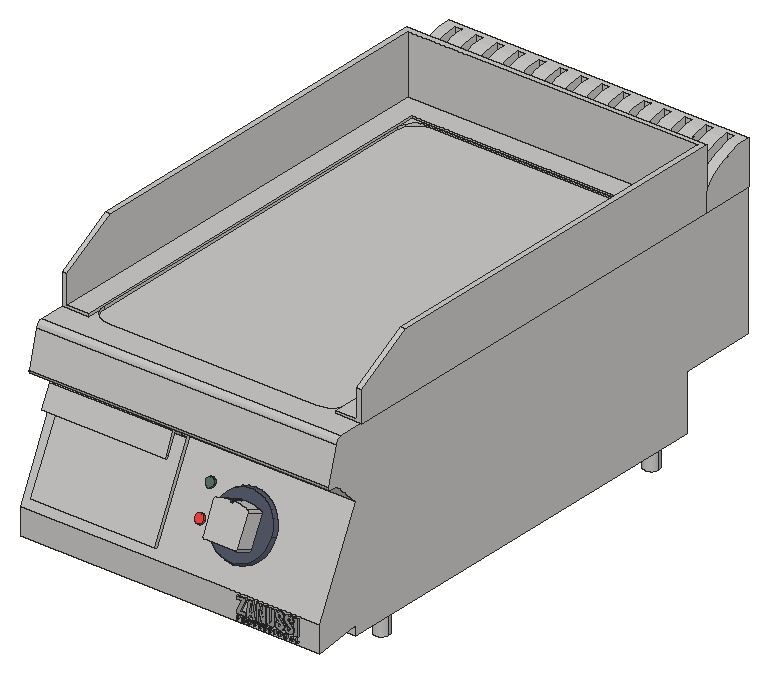
Revit family "QF_ZANUSSI_372328_Z7IINDAOMCA", category Specialty Equipment, Revit 2018
Family settings
  Round Connector Dimension = Use Diameter
  Part Type = Normal
  Work Plane-Based = No
  Always vertical = Yes
  Cut with Voids When Loaded = No
  Shared = No
  Room Calculation Point = No
Parameters (values of type "Standard")
  Weight = 40.00 kg
  Watts = 0 W
  Volts = 400 V
  URL Manufacturer = "http://www.zanussiprofessional.com"
  URL = "http://www.zanussiprofessional.com"
  Steam Supply Size = 0"
  Steam Supply Minimum Pressure = 0.00 psi
  Steam Supply Maximum Pressure = 0.00 psi
  Steam Pounds per Hour = 0
  Show Logo [instance] = yes
  Show Clearance [instance] = yes
  Refrigeration Suction Line Size = 0"
  Refrigeration Liquid Line Size = 0"
  Refrigerant Compressor Remote = yes
  Phase = 3
  Model = "Z7IINDAOMCA"
  Manufacturer = "Zanussi"
  Length Actual = 400.00 mm  # constant formula
  Item Number = "372328"
  Hot Water Size = 0"
  Height Actual = 250.00 mm  # constant formula
  HP = "5.6 HP"
  Gas Size = 0"
  Gas KW = 0
  Gas Input Pressure = 0.0 Btu/h
  Direct Waste Size = 0"
  Description = "ELECTRIC FRY TOP SMOOTH HORIZONTAL PLATE 400MM-BRUSHED CHROME"
  Depth Actual = 700.00 mm  # constant formula
  Cycle = 60 Hz
  Condensate Return Size = 0"
  Compressed Air Volume = 0 GPM
  Compressed Air Size = 0"
  Compressed Air Pressure = 0.00 psi
  Cold Water Size = 0"
  Assembly Code = ""
  Accessory = yes
Reference planes
  plane 1 "BACK": y = 0
  plane 2: z = 0
  plane 3 "LEFT": x = 0
  plane 4 "RIGHT": x = 400
  plane 5: y = -715
  plane 6 "TOP": z = 288.925
  plane 7 "Center Y": x = 200
  plane 8 "Center X": y = -357.5
  plane 9 "BASE": z = 24
  plane 10 "TOP A": z = 274
  plane 11: z = 355
  plane 12: through (-6096, -715, 691.146) normal (0, 0.8956, -0.4448)
  plane 13 "panel": through (-6096, -655.161, 811.641) normal (0, -0.8956, 0.4448)
  plane 14 "FRONT": y = -700
  plane 15: y = -782
  plane 16: z = 900
Forms (mm)
  Extrusion 1, solid, material "QF_Finishes_Stainless Steel"
    sketch origin (0, 0, 626) x (0, 1, 0) y (0, 0, 1)
      loop
        line (0, 98) -> (0, 274) -> (-679.358, 274)
        arc (-679.358, 274) -> (-684.643, 271.811) -> (-686.833, 266.526) r 7.474
        line (-686.833, 266.526) -> (-699.884, 221.011)
        arc (-699.884, 221.011) -> (-699.396, 218.379) -> (-697, 217.184) r 3
        line (-697, 217.184) -> (-686.802, 217.184) -> (-654.982, 185.364) -> (-715, 64.508) -> (-715, 29.508) -> (-658.645, 37.428)
        arc (-658.645, 37.428) -> (-656.101, 36.674) -> (-655, 34.259) r 3.2
        line (-655, 34.259) -> (-655, 24) -> (-103, 24) -> (-103, 98) -> (0, 98)
    from 0 to 400
  Extrusion 2, void
    sketch origin (0, -2.381, 900) x (-1, 0, 0) y (0, -1, 0)
      loop
        arc (-60.425, 102.504) -> (-42.464, 109.943) -> (-35.025, 127.904) r 25.4
        line (-35.025, 127.904) -> (-35.025, 617.104)
        arc (-35.025, 617.104) -> (-42.464, 635.064) -> (-60.425, 642.504) r 25.4
        line (-60.425, 642.504) -> (-339.575, 642.504)
        arc (-339.575, 642.504) -> (-357.536, 635.064) -> (-364.975, 617.104) r 25.4
        line (-364.975, 617.104) -> (-364.975, 127.904)
        arc (-364.975, 127.904) -> (-357.536, 109.943) -> (-339.575, 102.504) r 25.4
        line (-339.575, 102.504) -> (-60.425, 102.504)
    from 0 to -3.2
  Extrusion 3, solid, material "QF_Finishes_Stainless Steel"
    sketch origin (0, 0, 626) x (1, 0, 0) y (0, 1, 0)
      loop
        circle (11.002, -147.998) r 9.525
      loop
        circle (11.002, -597.994) r 9.525
      loop
        circle (388.997, -597.994) r 9.525
      loop
        circle (388.997, -147.998) r 9.525
    from 0 to 24
  Extrusion 4, solid, material "QF_Finishes_Stainless Steel"
    sketch origin (1.388, -101.6, 730.094) x (0, 0, -1) y (-1, 0, 0)
      loop
        circle (43.694, -347.613) r 12.7
    from -1.4 to 7.6
  Extrusion 5, solid, material "QF_Finishes_Clearance", visible <- "Show Clearance", detail levels coarse
    sketch origin (0, 0, 626) x (1, 0, 0) y (0, 1, 0)
      loop
        line (0, -715) -> (0, 0) -> (400, 0) -> (400, -715) -> (500, -715) -> (500, 100) -> (-100, 100) -> (-100, -715) -> (0, -715)
    from 355 to 0
  Extrusion 6, solid, material "QF_Finishes_Stainless Steel"
    sketch origin (0, -14.311, 626) x (0, 1, 0) y (0, 0, 1)
      loop
        line (-640.85, 185.828) -> (-659.988, 204.966)
        arc (-659.988, 204.966) -> (-664.455, 206.368) -> (-668.159, 203.504) r 5.058
        line (-668.159, 203.504) -> (-680.821, 175.994) -> (-677.937, 174.666) -> (-665.275, 202.176)
        arc (-665.275, 202.176) -> (-663.896, 203.243) -> (-662.233, 202.721) r 1.883
        line (-662.233, 202.721) -> (-644.727, 185.215) -> (-698.248, 77.444) -> (-695.339, 76.105) -> (-640.85, 185.828)
    from 12.7 to 177.8
  Extrusion 7, solid, material "QF_Finishes_Drawer Clearance", visible <- "Show Clearance", detail levels coarse
    sketch origin (0, -115.911, 626) x (0, 1, 0) y (0, 0, 1)
      loop
        line (-663.181, 76.105) -> (-593.739, 76.105) -> (-539.25, 185.828) -> (-558.388, 204.966)
        arc (-558.388, 204.966) -> (-560.449, 206.215) -> (-562.855, 206.368) r 5.058
        line (-562.855, 206.368) -> (-632.296, 206.368)
        arc (-632.296, 206.368) -> (-634.5, 205.39) -> (-636, 203.504) r 5.058
        line (-636, 203.504) -> (-648.662, 175.994) -> (-645.778, 174.666) -> (-633.116, 202.176)
        arc (-633.116, 202.176) -> (-631.737, 203.243) -> (-630.074, 202.721) r 1.883
        line (-630.074, 202.721) -> (-612.569, 185.215) -> (-666.089, 77.444) -> (-663.181, 76.105)
    from 12.7 to 177.8
  Extrusion 8, solid, material "QF_Finishes_Stainless Steel"
    sketch origin (0, 0, 626) x (0, 1, 0) y (0, 0, 1)
      loop
        line (0, 274) -> (0, 333.13)
        arc (0, 333.13) -> (-38.824, 324.814) -> (-69.85, 300.038) r 86.548
        line (-69.85, 300.038) -> (-69.85, 274) -> (0, 274)
    from 0 to 400.05
  Extrusion 9, void
    sketch origin (0, 0, 900.638) x (-1, 0, 0) y (0, -1, 0)
      loop
        line (-13.453, 6.761) -> (-13.453, 63.911) -> (-22.749, 63.911) -> (-22.749, 6.761) -> (-13.453, 6.761)
    from 25.4 to 63.5
  Extrusion 10, void
    sketch origin (400.05, 0, 900.638) x (1, 0, 0) y (0, 1, 0)
      loop
        line (-13.503, -6.761) -> (-22.799, -6.761) -> (-22.799, -63.911) -> (-13.503, -63.911) -> (-13.503, -6.761)
    from 25.4 to 63.5
  Extrusion 11, void
    sketch origin (27.988, 0, 900.638) x (-1, 0, 0) y (0, -1, 0)
      loop
        line (-13.453, 6.761) -> (-13.453, 63.911) -> (-22.749, 63.911) -> (-22.749, 6.761) -> (-13.453, 6.761)
    from 25.4 to 63.5
  Extrusion 12, void
    sketch origin (55.977, 0, 900.638) x (-1, 0, 0) y (0, -1, 0)
      loop
        line (-13.453, 6.761) -> (-13.453, 63.911) -> (-22.749, 63.911) -> (-22.749, 6.761) -> (-13.453, 6.761)
    from 25.4 to 63.5
  Extrusion 13, void
    sketch origin (83.965, 0, 900.638) x (-1, 0, 0) y (0, -1, 0)
      loop
        line (-13.428, 6.761) -> (-13.428, 63.911) -> (-22.724, 63.911) -> (-22.724, 6.761) -> (-13.428, 6.761)
    from 25.4 to 63.5
  Extrusion 14, void
    sketch origin (111.953, 0, 900.638) x (-1, 0, 0) y (0, -1, 0)
      loop
        line (-13.428, 6.761) -> (-13.428, 63.911) -> (-22.724, 63.911) -> (-22.724, 6.761) -> (-13.428, 6.761)
    from 25.4 to 63.5
  Extrusion 15, void
    sketch origin (139.942, 0, 900.638) x (-1, 0, 0) y (0, -1, 0)
      loop
        line (-13.428, 6.761) -> (-13.428, 63.911) -> (-22.724, 63.911) -> (-22.724, 6.761) -> (-13.428, 6.761)
    from 25.4 to 63.5
  Extrusion 16, void
    sketch origin (167.93, 0, 900.638) x (-1, 0, 0) y (0, -1, 0)
      loop
        line (-13.428, 6.761) -> (-13.428, 63.911) -> (-22.724, 63.911) -> (-22.724, 6.761) -> (-13.428, 6.761)
    from 25.4 to 63.5
  Extrusion 17, void
    sketch origin (195.918, 0, 900.638) x (-1, 0, 0) y (0, -1, 0)
      loop
        line (-13.428, 6.761) -> (-13.428, 63.911) -> (-22.724, 63.911) -> (-22.724, 6.761) -> (-13.428, 6.761)
    from 25.4 to 63.5
  Extrusion 18, void
    sketch origin (223.907, 0, 900.638) x (-1, 0, 0) y (0, -1, 0)
      loop
        line (-13.428, 6.761) -> (-13.428, 63.911) -> (-22.724, 63.911) -> (-22.724, 6.761) -> (-13.428, 6.761)
    from 25.4 to 63.5
  Extrusion 19, void
    sketch origin (251.895, 0, 900.638) x (-1, 0, 0) y (0, -1, 0)
      loop
        line (-13.428, 6.761) -> (-13.428, 63.911) -> (-22.724, 63.911) -> (-22.724, 6.761) -> (-13.428, 6.761)
    from 25.4 to 63.5
  Extrusion 20, void
    sketch origin (279.884, 0, 900.638) x (-1, 0, 0) y (0, -1, 0)
      loop
        line (-13.403, 6.761) -> (-13.403, 63.911) -> (-22.699, 63.911) -> (-22.699, 6.761) -> (-13.403, 6.761)
    from 25.4 to 63.5
  Extrusion 21, void
    sketch origin (307.872, 0, 900.638) x (-1, 0, 0) y (0, -1, 0)
      loop
        line (-13.403, 6.761) -> (-13.403, 63.911) -> (-22.699, 63.911) -> (-22.699, 6.761) -> (-13.403, 6.761)
    from 25.4 to 63.5
  Extrusion 22, void
    sketch origin (335.86, 0, 900.638) x (-1, 0, 0) y (0, -1, 0)
      loop
        line (-13.403, 6.761) -> (-13.403, 63.911) -> (-22.699, 63.911) -> (-22.699, 6.761) -> (-13.403, 6.761)
    from 25.4 to 63.5
  Sweep 23, solid, material "QF_Finishes_Stainless Steel"
    path origin (0, -2.381, 900) x (-1, 0, 0) y (0, -1, 0)
      loop
        line (-364.975, 642.504) -> (-364.975, 102.504) -> (-35.025, 102.504) -> (-35.025, 642.504)
    profile origin (35.025, -374.885, 900) x (1, 0, 0) y (0, 0, 1)
      loop
        line (-35.025, 0) -> (0, 0) -> (0, 3.175) -> (-28.675, 3.175) -> (-28.675, 81) -> (-35.025, 81) -> (-35.025, 0)
  Extrusion 24, void
    sketch origin (0, -69.86, 900) x (0, 1, 0) y (0, 0, 1)
      loop
        line (-575.025, 40.481) -> (-501.995, 81) -> (-575.025, 81) -> (-575.025, 40.481)
    from 0 to 6.35
  Extrusion 25, void
    sketch origin (400, -644.885, 900) x (0, -1, 0) y (0, 0, 1)
      loop
        line (0, 40.481) -> (0, 81) -> (-73.03, 81) -> (0, 40.481)
    from 0 to 6.35
  Blend 26, solid, material "QF_Finishes_Navy Blue"
    base sketch origin (275, -684.991, 751.574) x (1, 0, 0) y (0, 0.444781, 0.895639)
      loop
        circle (0, 0) r 42.5
    top sketch origin (275, -684.991, 751.574) x (1, 0, 0) y (0, 0.444781, 0.895639)
      loop
        circle (0, 0) r 40.5
    from 0 to 5
  Extrusion 27, solid, material "QF_Finishes_Stainless Steel"
    sketch origin (275, -684.991, 751.574) x (1, 0, 0) y (0, 0.444781, 0.895639)
      loop
        arc (-21.147, 22.789) -> (-22.494, 21.685) -> (-23, 20.019) r 2.997
        line (-23, 20.019) -> (-23, -20.019)
        arc (-23, -20.019) -> (-22.122, -22.138) -> (-20.003, -23.016) r 2.997
        line (-20.003, -23.016) -> (20.003, -23.016)
        arc (20.003, -23.016) -> (22.122, -22.138) -> (23, -20.019) r 2.997
        line (23, -20.019) -> (23, 20.019)
        arc (23, 20.019) -> (22.494, 21.685) -> (21.147, 22.789) r 2.997
        arc (21.147, 22.789) -> (0, 26.984) -> (-21.147, 22.789) r 55.4
    from 10 to 34
  Extrusion 28, solid, material "QF_Plastic-Black-Matte"
    sketch origin (355, -684.991, 751.574) x (0, 0.444781, 0.895639) y (0, -0.895639, 0.444781)
      loop
        line (26.984, 34) -> (26.984, 19) -> (27.984, 19) -> (27.984, 34)
        arc (27.984, 34) -> (27.691, 34.707) -> (26.984, 35) r 1
        line (26.984, 35) -> (23.984, 35) -> (23.984, 34) -> (26.984, 34)
    from -81 to -79
  Extrusion 29, solid, material "QF_Finishes_Red"
    sketch origin (275, -689.439, 742.617) x (1, 0, 0) y (0, 0.444781, 0.895639)
      loop
        circle (-55.001, 0) r 6
    from 0 to 1.6
  Extrusion 30, solid, material "QF_Finishes_Stainless Steel"
    sketch origin (275, -684.991, 751.574) x (1, 0, 0) y (0, 0.444781, 0.895639)
      loop
        line (17.5, 17.5) -> (-17.5, 17.5) -> (-17.5, -17.5) -> (17.5, -17.5) -> (17.5, 17.5)
    from 5 to 10
  Extrusion 31, solid, material "QF_Finishes_DarkGreen"
    sketch origin (275, -671.648, 778.443) x (1, 0, 0) y (0, 0.444781, 0.895639)
      loop
        circle (-55.001, 0) r 6
    from 0 to 1.6
Cuts and joins
  Extrusion 2 cuts Extrusion 1
  Extrusion 9, Extrusion 10, Extrusion 11, Extrusion 12, Extrusion 13, Extrusion 14, Extrusion 15, Extrusion 16, Extrusion 17, Extrusion 18, Extrusion 19, Extrusion 20, Extrusion 21, Extrusion 22 cuts Extrusion 8
  Extrusion 24, Extrusion 25 cuts Sweep 23
Lines and regions (mm)
  Split face 1
    outline origin (276.664, -684.796, 763.208) x (1, 0, 0) y (0, 0.444781, 0.895639)
      loop
        circle (-34, 0) r 1.5
  Split face 2
    outline origin (273.297, -687.581, 757.6) x (1, 0, 0) y (0, 0.444781, 0.895639)
      loop
        circle (-30.633, -14.752) r 1.5
  Split face 3
    outline origin (276.214, -689.88, 752.97) x (1, 0, 0) y (0, 0.444781, 0.895639)
      loop
        circle (-21.199, -26.582) r 1.5
  Split face 4
    outline origin (282.566, -689.848, 753.034) x (1, 0, 0) y (0, 0.444781, 0.895639)
      loop
        circle (-7.566, -33.148) r 1.5
  Split face 5
    outline origin (287.419, -686.96, 758.85) x (1, 0, 0) y (0, 0.444781, 0.895639)
      loop
        circle (7.566, -33.148) r 1.5
  Split face 6
    outline origin (286.137, -682.319, 768.196) x (1, 0, 0) y (0, 0.444781, 0.895639)
      loop
        circle (21.199, -26.582) r 1.5
  Split face 7
    outline origin (276.5, -678.264, 776.361) x (1, 0, 0) y (0, 0.444781, 0.895639)
      loop
        circle (30.633, -14.752) r 1.5
  Split face 8
    outline origin (260.985, -677.235, 778.433) x (1, 0, 0) y (0, 0.444781, 0.895639)
      loop
        circle (34, 0) r 1.5
  Split face 9
    outline origin (275, -689.469, 753.797) x (1, 0, 0) y (0, 0.444781, 0.895639)
      loop
        circle (0, 33.561) r 1.5
  symbolic lines, style "QF-Clearances", visible <- "Show Clearance", detail levels coarse
    curve 1: line (-100, 100, 274) -> (-100, -715, 274)
    curve 2: line (500, 100, 274) -> (-100, 100, 274)
    curve 3: line (500, -716.377, 274) -> (500, 100, 274)
  symbolic lines
    curve 4: line (0, 0, 274) -> (400, 0, 274)
    curve 5: line (0, -715, 274) -> (0, 0, 274)
    curve 6: line (400, 0, 274) -> (400, -715, 274)
    curve 7: line (35.025, -130.285, 274) -> (35.025, -644.885, 274)
    curve 8: arc (35.025, -619.485, 274) -> (42.464, -637.445, 274) -> (60.425, -644.885, 274) r 25.4
    curve 9: line (0, -644.885, 274) -> (35.025, -644.885, 274)
    curve 10: arc (339.575, -644.885, 274) -> (357.536, -637.445, 274) -> (364.975, -619.485, 274) r 25.4
    curve 11: line (364.975, -644.885, 274) -> (364.975, -130.285, 274)
    curve 12: line (339.575, -104.885, 274) -> (60.425, -104.885, 274)
    curve 13: line (0, -69.85, 274) -> (400, -69.85, 274)
    curve 14: arc (60.425, -104.885, 274) -> (42.464, -112.324, 274) -> (35.025, -130.285, 274) r 25.4
    curve 15: arc (339.575, -104.885, 274) -> (357.536, -112.324, 274) -> (364.975, -130.285, 274) r 25.4
    curve 16: line (6.35, -76.21, 274) -> (6.35, -644.885, 274)
    curve 17: line (6.35, -76.21, 274) -> (393.65, -76.21, 274)
    curve 18: line (393.65, -76.21, 274) -> (393.65, -644.885, 274)
    curve 19: line (13.428, -6.761, 274) -> (22.724, -6.761, 274)
    curve 20: line (13.428, -63.911, 274) -> (13.428, -6.761, 274)
    curve 21: line (22.724, -63.911, 274) -> (13.428, -63.911, 274)
    curve 22: line (22.724, -6.761, 274) -> (22.724, -63.911, 274)
    curve 23: line (41.416, -6.761, 274) -> (50.712, -6.761, 274)
    curve 24: line (41.416, -63.911, 274) -> (41.416, -6.761, 274)
    curve 25: line (50.712, -63.911, 274) -> (41.416, -63.911, 274)
    curve 26: line (50.712, -6.761, 274) -> (50.712, -63.911, 274)
    curve 27: line (69.405, -6.761, 274) -> (78.7, -6.761, 274)
    curve 28: line (69.405, -63.911, 274) -> (69.405, -6.761, 274)
    curve 29: line (78.7, -63.911, 274) -> (69.405, -63.911, 274)
    curve 30: line (78.7, -6.761, 274) -> (78.7, -63.911, 274)
    curve 31: line (97.393, -6.761, 274) -> (106.689, -6.761, 274)
    curve 32: line (97.393, -63.911, 274) -> (97.393, -6.761, 274)
    curve 33: line (106.689, -63.911, 274) -> (97.393, -63.911, 274)
    curve 34: line (106.689, -6.761, 274) -> (106.689, -63.911, 274)
    curve 35: line (125.381, -6.761, 274) -> (134.677, -6.761, 274)
    curve 36: line (125.381, -63.911, 274) -> (125.381, -6.761, 274)
    curve 37: line (134.677, -63.911, 274) -> (125.381, -63.911, 274)
    curve 38: line (134.677, -6.761, 274) -> (134.677, -63.911, 274)
    curve 39: line (153.37, -6.761, 274) -> (162.665, -6.761, 274)
    curve 40: line (153.37, -63.911, 274) -> (153.37, -6.761, 274)
    curve 41: line (162.665, -63.911, 274) -> (153.37, -63.911, 274)
    curve 42: line (162.665, -6.761, 274) -> (162.665, -63.911, 274)
    curve 43: line (181.358, -6.761, 274) -> (190.654, -6.761, 274)
    curve 44: line (181.358, -63.911, 274) -> (181.358, -6.761, 274)
    curve 45: line (190.654, -63.911, 274) -> (181.358, -63.911, 274)
    curve 46: line (190.654, -6.761, 274) -> (190.654, -63.911, 274)
    curve 47: line (209.346, -6.761, 274) -> (218.642, -6.761, 274)
    curve 48: line (209.346, -63.911, 274) -> (209.346, -6.761, 274)
    curve 49: line (218.642, -63.911, 274) -> (209.346, -63.911, 274)
    curve 50: line (218.642, -6.761, 274) -> (218.642, -63.911, 274)
    curve 51: line (237.31, -6.761, 274) -> (246.605, -6.761, 274)
    curve 52: line (237.31, -63.911, 274) -> (237.31, -6.761, 274)
    curve 53: line (246.605, -63.911, 274) -> (237.31, -63.911, 274)
    curve 54: line (246.605, -6.761, 274) -> (246.605, -63.911, 274)
    curve 55: line (265.298, -6.761, 274) -> (274.594, -6.761, 274)
    curve 56: line (265.298, -63.911, 274) -> (265.298, -6.761, 274)
    curve 57: line (274.594, -63.911, 274) -> (265.298, -63.911, 274)
    curve 58: line (274.594, -6.761, 274) -> (274.594, -63.911, 274)
    curve 59: line (293.286, -6.761, 274) -> (302.582, -6.761, 274)
    curve 60: line (293.286, -63.911, 274) -> (293.286, -6.761, 274)
    curve 61: line (302.582, -63.911, 274) -> (293.286, -63.911, 274)
    curve 62: line (302.582, -6.761, 274) -> (302.582, -63.911, 274)
    curve 63: line (321.275, -6.761, 274) -> (330.57, -6.761, 274)
    curve 64: line (321.275, -63.911, 274) -> (321.275, -6.761, 274)
    curve 65: line (330.57, -63.911, 274) -> (321.275, -63.911, 274)
    curve 66: line (330.57, -6.761, 274) -> (330.57, -63.911, 274)
    curve 67: line (349.263, -6.761, 274) -> (358.559, -6.761, 274)
    curve 68: line (349.263, -63.911, 274) -> (349.263, -6.761, 274)
    curve 69: line (358.559, -63.911, 274) -> (349.263, -63.911, 274)
    curve 70: line (358.559, -6.761, 274) -> (358.559, -63.911, 274)
    curve 71: line (377.251, -6.761, 274) -> (386.547, -6.761, 274)
    curve 72: line (377.251, -63.911, 274) -> (377.251, -6.761, 274)
    curve 73: line (386.547, -63.911, 274) -> (377.251, -63.911, 274)
    curve 74: line (386.547, -6.761, 274) -> (386.547, -63.911, 274)
    curve 75: line (364.975, -644.885, 274) -> (400, -644.885, 274)
    curve 76: line (60.425, -644.885, 274) -> (339.575, -644.885, 274)
    curve 80: line (0.05, -700, 0) -> (400, -700, 0)
    curve 81: line (298.025, -700, 0) -> (298.025, -724.347, 0)
    curve 82: arc (298.025, -724.347, 0) -> (297.879, -724.811, 0) -> (297.493, -725.107, 0) r 0.809
    curve 83: arc (297.493, -725.107, 0) -> (296.305, -725.587, 0) -> (295.028, -725.68, 0) r 4.127
    curve 84: arc (298.025, -704.292, 0) -> (303.066, -702.458, 0) -> (307.834, -700, 0) r 42.24
    curve 85: arc (298.025, -706.539, 0) -> (297.523, -705.818, 0) -> (296.726, -705.448, 0) r 1.682
    curve 86: arc (296.726, -705.448, 0) -> (286.423, -703.95, 0) -> (276.025, -703.441, 0) r 109.079
    curve 87: line (276.025, -700, 0) -> (276.025, -705.671, 0)
    curve 88: line (276.025, -705.671, 0) -> (274.025, -705.671, 0)
    curve 89: line (274.025, -705.671, 0) -> (274.025, -700, 0)
    curve 90: line (252.025, -700, 0) -> (252.025, -724.347, 0)
    curve 91: arc (252.025, -724.347, 0) -> (252.171, -724.811, 0) -> (252.557, -725.107, 0) r 0.809
    curve 92: arc (252.557, -725.107, 0) -> (253.745, -725.587, 0) -> (255.022, -725.68, 0) r 4.127
    curve 93: arc (252.025, -704.292, 0) -> (246.984, -702.458, 0) -> (242.216, -700, 0) r 42.24
    curve 94: arc (252.025, -706.539, 0) -> (252.527, -705.818, 0) -> (253.324, -705.448, 0) r 1.682
    curve 95: arc (253.324, -705.448, 0) -> (263.627, -703.95, 0) -> (274.025, -703.441, 0) r 109.079
    curve 96: line (295.028, -725.68, 0) -> (255.022, -725.68, 0)
    curve 97: line (0, -715, 0) -> (252.025, -715, 0)
    curve 98: line (298.025, -715, 0) -> (400, -715, 0)
    curve 99: line (12.7, -715, 0) -> (12.7, -700, 0)
    curve 100: line (177.775, -715, 0) -> (177.775, -700, 0)
  symbolic lines, style "QF_Drawer Clearance"
    curve 77: line (12.7, -715, 0) -> (12.7, -782, 0)
    curve 78: line (12.7, -782, 0) -> (177.775, -782, 0)
    curve 79: line (177.775, -782, 0) -> (177.775, -715, 0)
  symbolic lines, style "QF-Clearances"
    curve 101: line (-100, -715, 0) -> (0, -715, 0)
    curve 102: line (400, -715, 0) -> (500, -715, 0)
Dimensions and locks
  equal spacing: plane 3 "LEFT", plane 7 "Center Y", plane 4 "RIGHT"
  plane 3 "LEFT" to plane 4 "RIGHT" = 400.00 mm
  equal spacing: plane 5, plane 8 "Center X", plane 1 "BACK"
  plane 14 "FRONT" to plane 1 "BACK" = 700.00 mm
  plane 1 "BACK" to plane 5 = 715.00 mm
  plane 9 "BASE" to level = 24.00 mm  (x2)
  plane 4 "RIGHT" to Extrusion 4 sketch curve = 51.00 mm
  Sweep 23 sketch curve to level = 981.00 mm
  plane 10 "TOP A" to plane 9 "BASE" = 250.00 mm  (x2)
  plane 11 to level = 355.00 mm
  Extrusion 4 sketch curve to plane 9 "BASE" = 662.40 mm
  plane 1 "BACK" to cut or joined group of Extrusion 1, Extrusion 2 = 700.00 mm
  plane 1 "BACK" to plane 15 = 782.00 mm
  plane 16 to level = 900.00 mm
  aligned and locked: level to plane 2
  aligned and locked: plane 4 "RIGHT" to Extrusion 1
  aligned: plane 6 "TOP" to Extrusion 5
  aligned and locked: Extrusion 4 to cut or joined group of Extrusion 1, Extrusion 2
Automatic sketch dimensions
  Extrusion 28 sketch curve to plane 12 = 35.00 mm
  Extrusion 28 sketch curve to plane 5 = 9.329 mm
  Extrusion 28 sketch curve to Extrusion 28 sketch curve = 3.00 mm
  Extrusion 28 sketch curve to Extrusion 28 sketch curve = 0.00 mm  (x2)
  Extrusion 28 sketch curve to Extrusion 28 sketch curve = 1.00 mm
  Extrusion 28 sketch curve to Extrusion 28 sketch curve = 15.00 mm
  plane 7 "Center Y" to Blend 26 sketch curve = 75.00 mm  (x2)
  plane 7 "Center Y" to Extrusion 27 sketch curve = 52.00 mm
  Extrusion 27 sketch curve to Extrusion 27 sketch curve = 2.997 mm  (x3)
  Extrusion 27 sketch curve to Extrusion 27 sketch curve = 20.003 mm  (x2)
  Extrusion 27 sketch curve to Extrusion 27 sketch curve = 40.005 mm
  Extrusion 27 sketch curve to Extrusion 27 sketch curve = 5.399 mm
  Extrusion 27 sketch curve to Extrusion 27 sketch curve = 40.037 mm
  Extrusion 27 sketch curve to Extrusion 27 sketch curve = 0.00 mm  (x2)
  plane 7 "Center Y" to Extrusion 29 sketch curve = 19.999 mm
  plane 7 "Center Y" to Extrusion 30 sketch curve = 57.50 mm
  Extrusion 30 sketch curve to Extrusion 30 sketch curve = 35.00 mm  (x2)
  plane 7 "Center Y" to Extrusion 31 sketch curve = 19.999 mm
  Extrusion 1 sketch curve to plane 5 = 0.00 mm
  plane 10 "TOP A" to Extrusion 1 sketch curve = 626.00 mm
  plane 9 "BASE" to Extrusion 1 sketch curve = 626.00 mm
  Extrusion 1 sketch curve to plane 1 "BACK" = 0.00 mm
  Extrusion 1 sketch curve to plane 5 = 15.116 mm
  Extrusion 1 sketch curve to Extrusion 1 sketch curve = 2.884 mm
  plane 10 "TOP A" to Extrusion 1 sketch curve = 618.526 mm
  Extrusion 1 sketch curve to plane 5 = 28.167 mm
  Extrusion 1 sketch curve to Extrusion 1 sketch curve = 10.198 mm
  plane 9 "BASE" to Extrusion 1 sketch curve = 639.428 mm
  Extrusion 1 sketch curve to plane 5 = 56.355 mm
  Extrusion 1 sketch curve to Extrusion 1 sketch curve = 0.445 mm
  Extrusion 1 sketch curve to Extrusion 1 sketch curve = 3.20 mm
  Extrusion 1 sketch curve to Extrusion 1 sketch curve = 31.82 mm
  plane 1 "BACK" to Extrusion 1 sketch curve = 103.00 mm
  plane 9 "BASE" to Extrusion 1 sketch curve = 631.508 mm
  Extrusion 1 sketch curve to Extrusion 1 sketch curve = 35.00 mm
  Extrusion 1 sketch curve to Extrusion 1 sketch curve = 74.00 mm
  Extrusion 1 sketch curve to Extrusion 1 sketch curve = 81.162 mm
  Extrusion 1 sketch curve to Extrusion 1 sketch curve = 49.342 mm
  Extrusion 1 sketch curve to Extrusion 1 sketch curve = 3.00 mm
  Extrusion 2 sketch curve to plane 4 "RIGHT" = 35.025 mm
  Extrusion 2 sketch curve to Extrusion 2 sketch curve = 25.40 mm  (x3)
  plane 3 "LEFT" to Extrusion 2 sketch curve = 60.425 mm  (x2)
  plane 1 "BACK" to Extrusion 2 sketch curve = 104.885 mm
  Extrusion 2 sketch curve to plane 5 = 95.515 mm
  plane 3 "LEFT" to Extrusion 3 sketch curve = 11.002 mm  (x2)
  Extrusion 3 sketch curve to plane 4 "RIGHT" = 11.003 mm  (x2)
  Extrusion 3 sketch curve to plane 5 = 117.006 mm  (x2)
  plane 1 "BACK" to Extrusion 3 sketch curve = 147.998 mm  (x2)
  plane 5 to Extrusion 5 sketch curve = 0.00 mm  (x2)
  plane 1 "BACK" to Extrusion 5 sketch curve = 0.00 mm
  Extrusion 5 sketch curve to plane 3 "LEFT" = 0.00 mm
  Extrusion 5 sketch curve to plane 4 "RIGHT" = 0.00 mm
  Extrusion 5 sketch curve to plane 3 "LEFT" = 100.00 mm
  plane 4 "RIGHT" to Extrusion 5 sketch curve = 100.00 mm
  Extrusion 5 sketch curve to plane 1 "BACK" = 100.00 mm
  Extrusion 6 sketch curve to Extrusion 6 sketch curve = 0.00 mm  (x2)
  Extrusion 6 sketch curve to plane 5 = 2.441 mm
  Extrusion 6 sketch curve to Extrusion 6 sketch curve = 2.908 mm
  Extrusion 6 sketch curve to plane 5 = 19.868 mm
  Extrusion 6 sketch curve to Extrusion 6 sketch curve = 2.884 mm  (x2)
  Extrusion 6 sketch curve to Extrusion 6 sketch curve = 12.662 mm
  Extrusion 6 sketch curve to Extrusion 6 sketch curve = 1.711 mm
  Extrusion 6 sketch curve to Extrusion 6 sketch curve = 1.332 mm
  Extrusion 6 sketch curve to Extrusion 6 sketch curve = 2.245 mm
  Extrusion 6 sketch curve to Extrusion 6 sketch curve = 17.505 mm
  Extrusion 6 sketch curve to Extrusion 6 sketch curve = 3.877 mm
  plane 9 "BASE" to Extrusion 6 sketch curve = 678.105 mm
  Extrusion 6 sketch curve to Extrusion 6 sketch curve = 1.339 mm
  Extrusion 6 sketch curve to Extrusion 6 sketch curve = 97.223 mm
  Extrusion 6 sketch curve to Extrusion 6 sketch curve = 1.327 mm
  Extrusion 6 sketch curve to Extrusion 6 sketch curve = 16.961 mm
  Extrusion 6 sketch curve to Extrusion 6 sketch curve = 0.613 mm
  Extrusion 6 sketch curve to Extrusion 6 sketch curve = 0.787 mm
  Extrusion 7 sketch curve to Extrusion 7 sketch curve = 0.00 mm  (x2)
  plane 5 to Extrusion 7 sketch curve = 67.00 mm
  Extrusion 7 sketch curve to Extrusion 7 sketch curve = 2.908 mm
  plane 5 to Extrusion 7 sketch curve = 49.573 mm
  Extrusion 7 sketch curve to Extrusion 7 sketch curve = 2.884 mm  (x2)
  Extrusion 7 sketch curve to Extrusion 7 sketch curve = 12.662 mm
  Extrusion 7 sketch curve to Extrusion 7 sketch curve = 0.82 mm
  Extrusion 7 sketch curve to Extrusion 7 sketch curve = 1.711 mm
  Extrusion 7 sketch curve to Extrusion 7 sketch curve = 1.332 mm
  plane 5 to Extrusion 7 sketch curve = 13.48 mm
  Extrusion 7 sketch curve to plane 5 = 5.349 mm
  Extrusion 7 sketch curve to plane 5 = 36.234 mm
  Extrusion 7 sketch curve to Extrusion 7 sketch curve = 0.891 mm
  Extrusion 7 sketch curve to Extrusion 7 sketch curve = 4.467 mm
  Extrusion 7 sketch curve to Extrusion 7 sketch curve = 19.137 mm
  plane 9 "BASE" to Extrusion 7 sketch curve = 678.105 mm
  Extrusion 7 sketch curve to Extrusion 7 sketch curve = 1.339 mm
  Extrusion 7 sketch curve to Extrusion 7 sketch curve = 97.223 mm
  Extrusion 7 sketch curve to Extrusion 7 sketch curve = 1.327 mm
  Extrusion 7 sketch curve to Extrusion 7 sketch curve = 16.961 mm
  Extrusion 7 sketch curve to Extrusion 7 sketch curve = 0.613 mm
  Extrusion 7 sketch curve to Extrusion 7 sketch curve = 0.787 mm
  Extrusion 7 sketch curve to Extrusion 7 sketch curve = 4.979 mm
  plane 10 "TOP A" to Extrusion 8 sketch curve = 626.00 mm
  Extrusion 8 sketch curve to plane 1 "BACK" = 0.00 mm
  plane 1 "BACK" to Extrusion 8 sketch curve = 1.769 mm
  plane 6 "TOP" to Extrusion 8 sketch curve = 637.113 mm
  plane 1 "BACK" to Extrusion 8 sketch curve = 69.85 mm
  plane 10 "TOP A" to Extrusion 8 sketch curve = 598.60 mm
  plane 1 "BACK" to Extrusion 9 sketch curve = 6.761 mm
  plane 3 "LEFT" to Extrusion 9 sketch curve = 22.749 mm
  Extrusion 9 sketch curve to Extrusion 9 sketch curve = 9.296 mm
  Extrusion 9 sketch curve to Extrusion 9 sketch curve = 57.15 mm
  Extrusion 10 sketch curve to plane 1 "BACK" = 6.761 mm
  plane 4 "RIGHT" to Extrusion 10 sketch curve = 22.749 mm
  Extrusion 10 sketch curve to Extrusion 10 sketch curve = 9.296 mm
  Extrusion 10 sketch curve to Extrusion 10 sketch curve = 57.15 mm
  plane 1 "BACK" to Extrusion 11 sketch curve = 6.761 mm
  plane 3 "LEFT" to Extrusion 11 sketch curve = 50.737 mm
  Extrusion 11 sketch curve to Extrusion 11 sketch curve = 9.296 mm
  Extrusion 11 sketch curve to Extrusion 11 sketch curve = 57.15 mm
  plane 1 "BACK" to Extrusion 12 sketch curve = 6.761 mm
  plane 3 "LEFT" to Extrusion 12 sketch curve = 78.725 mm
  Extrusion 12 sketch curve to Extrusion 12 sketch curve = 9.296 mm
  Extrusion 12 sketch curve to Extrusion 12 sketch curve = 57.15 mm
  plane 1 "BACK" to Extrusion 13 sketch curve = 6.761 mm
  Extrusion 13 sketch curve to plane 7 "Center Y" = 93.311 mm
  Extrusion 13 sketch curve to Extrusion 13 sketch curve = 9.296 mm
  Extrusion 13 sketch curve to Extrusion 13 sketch curve = 57.15 mm
  plane 1 "BACK" to Extrusion 14 sketch curve = 6.761 mm
  Extrusion 14 sketch curve to plane 7 "Center Y" = 65.323 mm
  Extrusion 14 sketch curve to Extrusion 14 sketch curve = 9.296 mm
  Extrusion 14 sketch curve to Extrusion 14 sketch curve = 57.15 mm
  plane 1 "BACK" to Extrusion 15 sketch curve = 6.761 mm
  Extrusion 15 sketch curve to plane 7 "Center Y" = 37.335 mm
  Extrusion 15 sketch curve to Extrusion 15 sketch curve = 9.296 mm
  Extrusion 15 sketch curve to Extrusion 15 sketch curve = 57.15 mm
  Extrusion 16 sketch curve to plane 7 "Center Y" = 9.346 mm
  Extrusion 16 sketch curve to Extrusion 16 sketch curve = 9.296 mm
  plane 1 "BACK" to Extrusion 16 sketch curve = 6.761 mm
  Extrusion 16 sketch curve to Extrusion 16 sketch curve = 57.15 mm
  plane 1 "BACK" to Extrusion 17 sketch curve = 6.761 mm
  plane 7 "Center Y" to Extrusion 17 sketch curve = 18.642 mm
  Extrusion 17 sketch curve to Extrusion 17 sketch curve = 9.296 mm
  Extrusion 17 sketch curve to Extrusion 17 sketch curve = 57.15 mm
  plane 1 "BACK" to Extrusion 18 sketch curve = 6.761 mm
  plane 7 "Center Y" to Extrusion 18 sketch curve = 46.63 mm
  Extrusion 18 sketch curve to Extrusion 18 sketch curve = 9.296 mm
  Extrusion 18 sketch curve to Extrusion 18 sketch curve = 57.15 mm
  plane 1 "BACK" to Extrusion 19 sketch curve = 6.761 mm
  plane 7 "Center Y" to Extrusion 19 sketch curve = 74.619 mm
  Extrusion 19 sketch curve to Extrusion 19 sketch curve = 9.296 mm
  Extrusion 19 sketch curve to Extrusion 19 sketch curve = 57.15 mm
  plane 1 "BACK" to Extrusion 20 sketch curve = 6.761 mm
  Extrusion 20 sketch curve to plane 4 "RIGHT" = 97.418 mm
  Extrusion 20 sketch curve to Extrusion 20 sketch curve = 9.296 mm
  Extrusion 20 sketch curve to Extrusion 20 sketch curve = 57.15 mm
  plane 1 "BACK" to Extrusion 21 sketch curve = 6.761 mm
  Extrusion 21 sketch curve to plane 4 "RIGHT" = 69.43 mm
  Extrusion 21 sketch curve to Extrusion 21 sketch curve = 9.296 mm
  Extrusion 21 sketch curve to Extrusion 21 sketch curve = 57.15 mm
  plane 1 "BACK" to Extrusion 22 sketch curve = 6.761 mm
  Extrusion 22 sketch curve to plane 4 "RIGHT" = 41.441 mm
  Extrusion 22 sketch curve to Extrusion 22 sketch curve = 9.296 mm
  Extrusion 22 sketch curve to Extrusion 22 sketch curve = 57.15 mm
  Sweep 23 sketch curve to plane 4 "RIGHT" = 35.025 mm
  plane 3 "LEFT" to Sweep 23 sketch curve = 35.025 mm
  plane 1 "BACK" to Sweep 23 sketch curve = 104.885 mm
  Sweep 23 sketch curve to plane 5 = 70.115 mm  (x2)
  plane 10 "TOP A" to Sweep 23 sketch curve = 626.00 mm
  profile plane to Sweep 23 sketch curve = 0.00 mm
  profile plane to Sweep 23 sketch curve = 28.675 mm
  Sweep 23 sketch curve to Sweep 23 sketch curve = 6.35 mm
  plane 10 "TOP A" to Sweep 23 sketch curve = 629.175 mm
  Extrusion 24 sketch curve to Sweep 23 = 0.00 mm  (x2)
  Extrusion 24 sketch curve to Sweep 23 = 73.03 mm
  Extrusion 24 sketch curve to Sweep 23 = 40.481 mm
  Sweep 23 to Extrusion 25 sketch curve = 0.00 mm
  Extrusion 25 sketch curve to Sweep 23 = 0.00 mm
  Extrusion 25 sketch curve to Extrusion 25 sketch curve = 73.03 mm
  Extrusion 25 sketch curve to Sweep 23 = 40.481 mm
  curve 6 to plane 4 "RIGHT" = 0.00 mm
  plane 1 "BACK" to curve 5 = 0.00 mm
  curve 5 to plane 3 "LEFT" = 0.00 mm
  plane 5 to curve 1 = 0.00 mm
  plane 5 to curve 5 = 0.00 mm
  plane 5 to curve 6 = 0.00 mm
  plane 4 "RIGHT" to curve 3 = 100.00 mm
  curve 17 to plane 4 "RIGHT" = 6.35 mm
  curve 74 to plane 4 "RIGHT" = 13.453 mm
  curve 73 to curve 72 = 9.296 mm
  curve 18 to curve 11 = 28.675 mm
  plane 1 "BACK" to curve 67 = 6.761 mm
  curve 71 to curve 67 = 18.693 mm
  curve 69 to curve 68 = 9.296 mm
  curve 11 to curve 15 = 25.40 mm
  curve 11 to curve 76 = 25.40 mm
  curve 68 to curve 66 = 18.693 mm
  curve 65 to curve 64 = 9.296 mm
  curve 64 to curve 62 = 18.693 mm
  curve 61 to curve 60 = 9.296 mm
  curve 60 to curve 58 = 18.693 mm
  curve 57 to curve 56 = 9.296 mm
  curve 56 to curve 54 = 18.693 mm
  curve 53 to curve 52 = 9.296 mm
  plane 7 "Center Y" to curve 50 = 18.642 mm
  curve 47 to curve 48 = 9.296 mm
  curve 46 to plane 7 "Center Y" = 9.346 mm
  curve 45 to curve 45 = 9.296 mm
  curve 44 to curve 42 = 18.693 mm
  curve 41 to curve 40 = 9.296 mm
  plane 1 "BACK" to curve 38 = 6.761 mm
  curve 39 to curve 38 = 18.693 mm
  curve 35 to curve 36 = 9.296 mm
  curve 36 to curve 34 = 18.693 mm
  curve 33 to curve 32 = 9.296 mm
  curve 32 to curve 30 = 18.693 mm
  curve 29 to curve 28 = 9.296 mm
  plane 3 "LEFT" to curve 14 = 60.425 mm
  plane 3 "LEFT" to curve 8 = 60.425 mm
  plane 1 "BACK" to curve 23 = 6.761 mm
  curve 27 to curve 23 = 18.693 mm
  curve 23 to curve 23 = 9.296 mm
  curve 8 to curve 7 = 25.40 mm
  plane 1 "BACK" to curve 22 = 6.761 mm
  curve 23 to curve 22 = 18.693 mm
  curve 19 to curve 20 = 9.296 mm
  plane 3 "LEFT" to curve 17 = 6.35 mm
  curve 2 to plane 3 "LEFT" = 100.00 mm
  curve 2 to plane 1 "BACK" = 100.00 mm
  plane 1 "BACK" to curve 71 = 6.761 mm
  plane 1 "BACK" to curve 66 = 6.761 mm
  plane 1 "BACK" to curve 62 = 6.761 mm
  plane 1 "BACK" to curve 58 = 6.761 mm
  plane 1 "BACK" to curve 54 = 6.761 mm
  plane 1 "BACK" to curve 50 = 6.761 mm
  plane 1 "BACK" to curve 46 = 6.761 mm
  plane 1 "BACK" to curve 42 = 6.761 mm
  plane 1 "BACK" to curve 27 = 6.761 mm
  plane 1 "BACK" to curve 34 = 6.761 mm
  curve 27 to curve 30 = 57.15 mm
  curve 29 to curve 32 = 0.00 mm
  curve 26 to curve 28 = 0.00 mm
  curve 33 to curve 36 = 0.00 mm
  curve 22 to curve 24 = 0.00 mm
  curve 37 to curve 40 = 0.00 mm
  curve 71 to curve 74 = 57.15 mm
  curve 68 to curve 72 = 0.00 mm
  curve 41 to curve 44 = 0.00 mm
  curve 65 to curve 68 = 0.00 mm
  curve 45 to curve 48 = 0.00 mm
  curve 62 to curve 64 = 0.00 mm
  curve 49 to curve 52 = 0.00 mm
  curve 53 to curve 56 = 0.00 mm
  curve 20 to curve 17 = 12.299 mm
  curve 65 to curve 12 = 40.974 mm
  plane 14 "FRONT" to curve 8 = 80.515 mm
  curve 9 to curve 8 = 0.00 mm
  curve 10 to curve 75 = 25.40 mm
  curve 13 to curve 16 = 6.36 mm
  plane 5 to curve 3 = 1.377 mm
  plane 5 to curve 101 = 0.00 mm
  curve 97 to plane 3 "LEFT" = 0.00 mm
  curve 80 to plane 14 "FRONT" = 0.00 mm
  curve 78 to plane 15 = 0.00 mm
  plane 5 to curve 98 = 0.00 mm
  curve 80 to plane 4 "RIGHT" = 0.00 mm
  curve 102 to plane 4 "RIGHT" = 0.00 mm
  plane 3 "LEFT" to curve 78 = 12.70 mm
  curve 79 to plane 7 "Center Y" = 22.225 mm
  plane 5 to curve 90 = 9.347 mm
  plane 7 "Center Y" to curve 90 = 52.025 mm
  curve 90 to curve 91 = 0.809 mm
  curve 94 to curve 94 = 1.583 mm
  curve 91 to curve 92 = 1.846 mm
  curve 91 to curve 96 = 2.189 mm
  curve 90 to curve 93 = 11.892 mm
  curve 88 to plane 14 "FRONT" = 5.671 mm
  curve 94 to curve 88 = 20.417 mm
  plane 7 "Center Y" to curve 95 = 74.156 mm
  curve 95 to curve 86 = 1.738 mm
  curve 88 to curve 87 = 2.00 mm
  curve 93 to curve 84 = 22.215 mm
  curve 87 to curve 96 = 19.003 mm
  curve 83 to curve 83 = 0.343 mm
  curve 83 to curve 85 = 1.071 mm
  curve 83 to curve 82 = 2.189 mm
  curve 82 to curve 81 = 0.809 mm
  curve 86 to plane 15 = 30.519 mm
  curve 95 to curve 86 = 0.00 mm
  plane 5 to curve 96 = 10.68 mm
  curve 83 to curve 82 = 1.333 mm
  curve 82 to curve 83 = 2.779 mm
  curve 91 to curve 92 = 2.779 mm
  curve 94 to plane 14 "FRONT" = 7.106 mm
  curve 85 to plane 14 "FRONT" = 7.106 mm
  plane 14 "FRONT" to curve 93 = 36.239 mm
  curve 93 to curve 84 = 0.00 mm
  curve 101 to plane 3 "LEFT" = 100.00 mm
  plane 3 "LEFT" to curve 80 = 0.05 mm
  curve 80 to curve 99 = 12.65 mm
  curve 100 to curve 79 = 0.00 mm
  curve 93 to curve 90 = 9.809 mm
  curve 95 to curve 94 = 0.284 mm
  curve 85 to curve 85 = 0.284 mm
  curve 81 to curve 84 = 9.809 mm
  plane 4 "RIGHT" to curve 102 = 100.00 mm
  curve 85 to curve 85 = 0.567 mm
  curve 94 to curve 94 = 0.567 mm
  radius of Blend 26 sketch curve = 42.50 mm
  radius of Blend 26 sketch curve = 40.50 mm
  radius of Extrusion 29 sketch curve = 6.00 mm
  radius of Split face 1 sketch curve = 1.50 mm
  radius of Split face 2 sketch curve = 1.50 mm
  radius of Split face 3 sketch curve = 1.50 mm
  radius of Split face 4 sketch curve = 1.50 mm
  radius of Split face 5 sketch curve = 1.50 mm
  radius of Split face 6 sketch curve = 1.50 mm
  radius of Split face 7 sketch curve = 1.50 mm
  radius of Split face 8 sketch curve = 1.50 mm
  radius of Split face 9 sketch curve = 1.50 mm
  radius of Extrusion 31 sketch curve = 6.00 mm
  radius of Extrusion 3 sketch curve = 9.525 mm  (x4)
  radius of Extrusion 4 sketch curve = 12.70 mm
Nested families
  nested 1: "ZAN_Logo_S_Grey_Professional" at (331.25, -715, 679) x (1, 0, 0) z (0, -1, 0), type "ZAN_Logo_S_Grey_Professional"
Connectors
  electrical at (349, -94, 686.4), driven by "Volts"
    settings: on Extrusion 4, index 1, voltage 400 V, apparent load 0 VA, apparent load phase1 0 VA, apparent load phase2 0 VA, apparent load phase3 0 VA, power factor 1, load classification "Other", number of poles 1, system type 30, power factor state 1, is connector primary yes, connector utility no, sub classification motor no, connector description "Electrical Connection"
Definition of nested family "ZAN_Logo_S_Grey_Professional"
  Parameters (values of type "ZAN_Logo_S_Grey_Professional")
    Default Elevation = 0.00 mm
    Materiale = none
  Reference planes
    plane 1 "Centro (Fronte/Retro)": y = 0
    plane 2: z = 0
    plane 3 "Centro (Sinistra/Destra)": x = 0
  Forms (mm)
    Extrusion 1, solid
      sketch origin (0, 0, 0) x (1, 0, 0) y (0, 1, 0)
        loop
          line (-1219.2, 1219.2) -> (-1219.2, -1219.2) -> (1219.2, -1219.2) -> (1219.2, 1219.2) -> (-1219.2, 1219.2)
      from 0 to -304.8
    Extrusion 2, solid, material <- "Materiale"
      sketch origin (17.793, -46.218, 0) x (-1, 0, 0) y (0, -1, 0)
        loop
          spline (-1.644, -54.786) -> (-1.034, -55.008) -> (-0.403, -55.173) -> (0.241, -55.279) -> (0.893, -55.327) -> (1.547, -55.314) -> (2.197, -55.242) -> (2.836, -55.109) -> (3.458, -54.916) -> (4.058, -54.662) -> (4.629, -54.345) -> (5.165, -53.967) -> (5.66, -53.526)
          spline (5.66, -53.526) -> (5.954, -53.066) -> (6.206, -52.57) -> (6.417, -52.047) -> (6.588, -51.502) -> (6.718, -50.944) -> (6.809, -50.378) -> (6.86, -49.813) -> (6.872, -49.254) -> (6.846, -48.71) -> (6.782, -48.186) -> (6.68, -47.691) -> (6.541, -47.23)
          line (6.541, -47.23) -> (4.526, -44.334) -> (2.386, -42.445)
          spline (2.386, -42.445) -> (2.16, -42.258) -> (1.927, -42.074) -> (1.689, -41.89) -> (1.448, -41.703) -> (1.207, -41.512) -> (0.969, -41.312) -> (0.736, -41.101) -> (0.511, -40.878) -> (0.296, -40.639) -> (0.095, -40.381) -> (-0.091, -40.103) -> (-0.259, -39.8)
          spline (-0.259, -39.8) -> (-0.29, -39.607) -> (-0.318, -39.405) -> (-0.339, -39.197) -> (-0.352, -38.984) -> (-0.352, -38.771) -> (-0.337, -38.557) -> (-0.304, -38.346) -> (-0.249, -38.14) -> (-0.17, -37.941) -> (-0.063, -37.751) -> (0.074, -37.573) -> (0.245, -37.408)
          line (0.245, -37.408) -> (1.882, -37.282)
          spline (1.882, -37.282) -> (2.188, -37.491) -> (2.42, -37.736) -> (2.586, -38.012) -> (2.698, -38.313) -> (2.765, -38.633) -> (2.795, -38.966) -> (2.799, -39.308) -> (2.787, -39.651) -> (2.767, -39.991) -> (2.751, -40.322) -> (2.746, -40.638) -> (2.763, -40.934)
          line (2.763, -40.934) -> (7.171, -40.934)
          spline (7.171, -40.934) -> (7.223, -40.399) -> (7.252, -39.866) -> (7.257, -39.336) -> (7.236, -38.812) -> (7.187, -38.295) -> (7.108, -37.786) -> (6.997, -37.288) -> (6.854, -36.802) -> (6.675, -36.33) -> (6.46, -35.874) -> (6.206, -35.435) -> (5.912, -35.015)
          spline (5.912, -35.015) -> (5.55, -34.687) -> (5.16, -34.396) -> (4.745, -34.14) -> (4.307, -33.92) -> (3.85, -33.734) -> (3.377, -33.583) -> (2.891, -33.466) -> (2.395, -33.383) -> (1.892, -33.333) -> (1.385, -33.316) -> (0.877, -33.331) -> (0.371, -33.378)
          spline (0.371, -33.378) -> (-0.163, -33.462) -> (-0.693, -33.587) -> (-1.213, -33.752) -> (-1.718, -33.957) -> (-2.205, -34.2) -> (-2.667, -34.48) -> (-3.1, -34.798) -> (-3.5, -35.151) -> (-3.861, -35.539) -> (-4.179, -35.961) -> (-4.449, -36.417) -> (-4.666, -36.904)
          spline (-4.666, -36.904) -> (-4.8, -37.505) -> (-4.888, -38.107) -> (-4.93, -38.709) -> (-4.927, -39.306) -> (-4.881, -39.897) -> (-4.792, -40.477) -> (-4.661, -41.045) -> (-4.489, -41.596) -> (-4.276, -42.128) -> (-4.025, -42.638) -> (-3.735, -43.122) -> (-3.407, -43.578)
          line (-3.407, -43.578) -> (1.63, -48.112) -> (2.26, -48.867)
          spline (2.26, -48.867) -> (2.325, -49.027) -> (2.392, -49.191) -> (2.459, -49.359) -> (2.521, -49.529) -> (2.576, -49.702) -> (2.622, -49.874) -> (2.654, -50.047) -> (2.67, -50.22) -> (2.667, -50.39) -> (2.642, -50.558) -> (2.591, -50.722) -> (2.512, -50.882)
          spline (2.512, -50.882) -> (2.439, -51.029) -> (2.347, -51.157) -> (2.24, -51.266) -> (2.12, -51.358) -> (1.989, -51.434) -> (1.851, -51.496) -> (1.707, -51.545) -> (1.56, -51.582) -> (1.414, -51.608) -> (1.27, -51.625) -> (1.131, -51.635) -> (1.001, -51.638)
          line (1.001, -51.638) -> (-0.259, -50.756) -> (-0.385, -48.112) -> (-4.54, -48.112)
          spline (-4.54, -48.112) -> (-4.545, -48.463) -> (-4.556, -48.822) -> (-4.572, -49.188) -> (-4.587, -49.557) -> (-4.598, -49.929) -> (-4.603, -50.3) -> (-4.597, -50.668) -> (-4.577, -51.031) -> (-4.54, -51.388) -> (-4.482, -51.735) -> (-4.399, -52.071) -> (-4.288, -52.393)
          spline (-4.288, -52.393) -> (-4.176, -52.644) -> (-4.031, -52.894) -> (-3.857, -53.139) -> (-3.659, -53.377) -> (-3.439, -53.607) -> (-3.202, -53.825) -> (-2.952, -54.031) -> (-2.693, -54.221) -> (-2.429, -54.394) -> (-2.163, -54.547) -> (-1.9, -54.678) -> (-1.644, -54.786)
        loop
          spline (-16.755, -52.519) -> (-16.407, -53.083) -> (-15.998, -53.58) -> (-15.535, -54.012) -> (-15.024, -54.38) -> (-14.474, -54.684) -> (-13.89, -54.927) -> (-13.28, -55.11) -> (-12.651, -55.233) -> (-12.009, -55.299) -> (-11.362, -55.308) -> (-10.717, -55.263) -> (-10.081, -55.163)
          spline (-10.081, -55.163) -> (-9.638, -55.08) -> (-9.196, -54.956) -> (-8.761, -54.793) -> (-8.336, -54.594) -> (-7.93, -54.36) -> (-7.547, -54.093) -> (-7.192, -53.794) -> (-6.872, -53.466) -> (-6.592, -53.109) -> (-6.358, -52.726) -> (-6.176, -52.319) -> (-6.051, -51.889)
          spline (-6.051, -51.889) -> (-5.857, -51.316) -> (-5.715, -50.731) -> (-5.626, -50.14) -> (-5.589, -49.548) -> (-5.605, -48.959) -> (-5.673, -48.379) -> (-5.794, -47.812) -> (-5.967, -47.263) -> (-6.193, -46.736) -> (-6.471, -46.237) -> (-6.802, -45.771) -> (-7.185, -45.341)
          line (-7.185, -45.341) -> (-11.844, -41.186) -> (-12.851, -39.675)
          spline (-12.851, -39.675) -> (-12.882, -39.483) -> (-12.91, -39.288) -> (-12.934, -39.09) -> (-12.949, -38.891) -> (-12.954, -38.692) -> (-12.946, -38.494) -> (-12.921, -38.299) -> (-12.879, -38.108) -> (-12.816, -37.922) -> (-12.729, -37.742) -> (-12.615, -37.57) -> (-12.473, -37.408)
          line (-12.473, -37.408) -> (-11.214, -37.156)
          spline (-11.214, -37.156) -> (-10.768, -37.262) -> (-10.429, -37.445) -> (-10.183, -37.695) -> (-10.015, -38) -> (-9.912, -38.349) -> (-9.86, -38.73) -> (-9.845, -39.132) -> (-9.852, -39.544) -> (-9.868, -39.954) -> (-9.879, -40.351) -> (-9.871, -40.723) -> (-9.829, -41.06)
          line (-9.829, -41.06) -> (-5.422, -40.934)
          spline (-5.422, -40.934) -> (-5.367, -40.392) -> (-5.333, -39.839) -> (-5.323, -39.279) -> (-5.342, -38.719) -> (-5.395, -38.162) -> (-5.485, -37.613) -> (-5.616, -37.077) -> (-5.795, -36.559) -> (-6.024, -36.064) -> (-6.308, -35.597) -> (-6.651, -35.162) -> (-7.059, -34.764)
          spline (-7.059, -34.764) -> (-7.58, -34.383) -> (-8.132, -34.06) -> (-8.711, -33.794) -> (-9.311, -33.584) -> (-9.927, -33.43) -> (-10.553, -33.331) -> (-11.184, -33.288) -> (-11.816, -33.299) -> (-12.442, -33.365) -> (-13.057, -33.484) -> (-13.657, -33.657) -> (-14.236, -33.882)
          spline (-14.236, -33.882) -> (-14.49, -33.99) -> (-14.747, -34.121) -> (-15.006, -34.276) -> (-15.262, -34.451) -> (-15.515, -34.646) -> (-15.763, -34.858) -> (-16.003, -35.086) -> (-16.232, -35.328) -> (-16.45, -35.582) -> (-16.653, -35.847) -> (-16.839, -36.12) -> (-17.007, -36.401)
          spline (-17.007, -36.401) -> (-17.229, -37.006) -> (-17.395, -37.624) -> (-17.502, -38.25) -> (-17.552, -38.882) -> (-17.544, -39.515) -> (-17.479, -40.147) -> (-17.355, -40.773) -> (-17.174, -41.391) -> (-16.936, -41.996) -> (-16.639, -42.586) -> (-16.285, -43.157) -> (-15.873, -43.704)
          line (-15.873, -43.704) -> (-10.584, -48.489) -> (-9.955, -50.126) -> (-10.459, -51.386) -> (-11.592, -51.638) -> (-12.851, -50.756) -> (-12.977, -48.238) -> (-17.258, -48.112)
          spline (-17.258, -48.112) -> (-17.236, -48.492) -> (-17.23, -48.875) -> (-17.233, -49.261) -> (-17.24, -49.646) -> (-17.245, -50.03) -> (-17.243, -50.41) -> (-17.227, -50.785) -> (-17.193, -51.152) -> (-17.134, -51.512) -> (-17.046, -51.86) -> (-16.921, -52.196) -> (-16.755, -52.519)
        loop
          line (-18.014, -33.378) -> (-22.421, -33.378) -> (-22.421, -54.911) -> (-18.014, -54.911) -> (-18.014, -33.378)
        loop
          line (14.852, -38.541) -> (14.852, -54.911) -> (19.259, -54.911) -> (19.259, -40.43) -> (19.008, -36.904) -> (18.63, -36.023) -> (17.748, -34.89) -> (16.867, -34.26) -> (15.104, -33.504) -> (14.223, -33.378) -> (12.208, -33.378) -> (11.2, -33.63) -> (9.689, -34.512) -> (7.926, -37.03) -> (7.8, -37.912) -> (7.8, -54.911) -> (12.208, -54.911) -> (12.208, -38.919) -> (12.711, -37.786) -> (14.097, -37.66) -> (14.852, -38.541)
        loop
          line (20.267, -54.911) -> (24.296, -54.911) -> (24.296, -41.186) -> (27.948, -54.911) -> (32.607, -54.911) -> (32.607, -33.378) -> (28.704, -33.378) -> (28.704, -47.608) -> (25.052, -33.378) -> (20.267, -33.378) -> (20.267, -54.911)
        loop
          line (47.089, -54.911) -> (58.044, -54.911) -> (58.044, -50.882) -> (52.251, -51.008) -> (58.548, -37.786) -> (58.548, -33.378) -> (47.089, -33.378) -> (47.089, -37.786) -> (53.698, -37.786) -> (47.089, -51.26) -> (47.089, -54.911)
        loop
          line (36.889, -54.911) -> (42.933, -54.911) -> (46.837, -33.378) -> (42.303, -33.378) -> (41.674, -37.534) -> (38.022, -37.534) -> (37.392, -33.378) -> (32.859, -33.378) -> (36.889, -54.911)
        loop
          line (41.17, -41.438) -> (38.652, -41.438) -> (39.911, -51.231) -> (41.17, -41.438)
        loop
          line (57.627, -27.599) -> (56.511, -27.599)
          arc (56.511, -27.599) -> (55.334, -29.219) -> (56.822, -30.559) r 1.496
          line (56.822, -30.559) -> (58.548, -30.559) -> (58.548, -26.082) -> (57.627, -26.082) -> (57.627, -27.599)
        loop
          line (57.627, -29.713) -> (57.627, -28.464) -> (56.699, -28.464)
          arc (56.699, -28.464) -> (56.24, -29.089) -> (56.699, -29.713) r 0.654
          line (56.699, -29.713) -> (57.627, -29.713)
        loop
          line (50.633, -27.625) -> (49.682, -27.625) -> (48.755, -26.082) -> (47.711, -26.082) -> (48.871, -27.993)
          arc (48.871, -27.993) -> (48.433, -29.601) -> (49.798, -30.559) r 1.45
          line (49.798, -30.559) -> (51.553, -30.559) -> (51.553, -26.082) -> (50.633, -26.082) -> (50.633, -27.625)
        loop
          line (50.633, -29.713) -> (50.633, -28.464) -> (49.705, -28.464)
          arc (49.705, -28.464) -> (49.245, -29.089) -> (49.705, -29.713) r 0.654
          line (49.705, -29.713) -> (50.633, -29.713)
        loop
          line (36.111, -26.082) -> (35.19, -26.082) -> (35.19, -27.797) -> (33.505, -27.797) -> (33.505, -28.718) -> (35.19, -28.718) -> (35.19, -29.639) -> (33.344, -29.639) -> (33.344, -30.559) -> (36.111, -30.559) -> (36.111, -26.082)
        loop
          line (29.546, -26.082) -> (26.666, -26.082) -> (26.666, -27.002) -> (28.626, -27.002) -> (28.626, -27.797) -> (26.835, -27.797) -> (26.835, -28.718) -> (28.626, -28.718) -> (28.626, -29.639) -> (26.71, -29.639) -> (26.71, -30.559) -> (29.546, -30.559) -> (29.546, -26.082)
        loop
          line (9.21, -26.082) -> (8.289, -26.082) -> (8.289, -30.559) -> (9.21, -30.559) -> (9.21, -26.082)
        loop
          line (-5.024, -26.082) -> (-5.024, -28.898) -> (-7.072, -26.082) -> (-7.993, -26.082) -> (-7.993, -30.559) -> (-7.037, -30.559) -> (-7.037, -27.659) -> (-4.989, -30.559) -> (-4.069, -30.559) -> (-4.069, -26.082) -> (-5.024, -26.082)
        loop
          line (-11.621, -26.082) -> (-12.61, -26.082) -> (-13.045, -27.048) -> (-14.702, -27.048) -> (-15.137, -26.082) -> (-16.125, -26.082) -> (-14.375, -30.558) -> (-13.454, -30.558) -> (-11.621, -26.082)
        loop
          line (-19.779, -26.082) -> (-22.421, -26.082) -> (-22.421, -27.002) -> (-20.7, -27.002) -> (-20.7, -30.559) -> (-19.779, -30.559) -> (-19.779, -26.082)
        loop
          line (-13.875, -29.102) -> (-13.395, -27.931) -> (-14.333, -27.931) -> (-13.875, -29.102)
        loop
          circle (2.094, -28.293) r 1.482
        loop
          circle (2.094, -28.293) r 2.376
        loop
          arc (16.413, -27.085) -> (15.386, -26.141) -> (13.991, -26.107) r 1.985
          arc (13.991, -26.107) -> (13.047, -26.998) -> (13.375, -28.254) r 1.274
          arc (13.375, -28.254) -> (14.04, -28.662) -> (14.749, -28.985) r 6.355
          arc (14.749, -28.985) -> (15.14, -29.579) -> (14.494, -29.876) r 0.469
          arc (14.494, -29.876) -> (14.107, -29.64) -> (13.784, -29.321) r 1.958
          line (13.784, -29.321) -> (12.995, -29.795)
          arc (12.995, -29.795) -> (13.493, -30.326) -> (14.109, -30.712) r 2.834
          arc (14.109, -30.712) -> (16.031, -29.813) -> (14.826, -28.067) r 1.389
          spline (14.826, -28.067) -> (14.485, -27.906) -> (14.237, -27.756) -> (14.069, -27.617) -> (13.971, -27.49) -> (13.931, -27.375) -> (13.937, -27.273) -> (13.977, -27.185) -> (14.041, -27.112) -> (14.116, -27.053) -> (14.191, -27.011) -> (14.254, -26.985) -> (14.293, -26.976)
          arc (14.293, -26.976) -> (15.035, -26.992) -> (15.586, -27.489) r 1.064
          line (15.586, -27.489) -> (16.413, -27.085)
        loop
          arc (23.156, -27.085) -> (22.129, -26.141) -> (20.734, -26.107) r 1.985
          arc (20.734, -26.107) -> (19.79, -26.998) -> (20.118, -28.254) r 1.274
          arc (20.118, -28.254) -> (20.783, -28.662) -> (21.492, -28.985) r 6.355
          arc (21.492, -28.985) -> (21.883, -29.579) -> (21.237, -29.876) r 0.469
          arc (21.237, -29.876) -> (20.849, -29.64) -> (20.527, -29.321) r 1.958
          line (20.527, -29.321) -> (19.738, -29.795)
          arc (19.738, -29.795) -> (20.236, -30.326) -> (20.852, -30.712) r 2.834
          arc (20.852, -30.712) -> (22.774, -29.813) -> (21.568, -28.067) r 1.389
          spline (21.568, -28.067) -> (21.228, -27.906) -> (20.979, -27.756) -> (20.812, -27.617) -> (20.714, -27.49) -> (20.674, -27.375) -> (20.68, -27.273) -> (20.72, -27.185) -> (20.784, -27.112) -> (20.859, -27.053) -> (20.933, -27.011) -> (20.996, -26.985) -> (21.036, -26.976)
          arc (21.036, -26.976) -> (21.778, -26.992) -> (22.329, -27.489) r 1.064
          line (22.329, -27.489) -> (23.156, -27.085)
        loop
          circle (42.369, -28.293) r 1.482
        loop
          circle (42.369, -28.293) r 2.376
      from 0 to 1.644
  Dimensions and locks
    aligned and locked: plane 2 to Extrusion 1
    aligned and locked: level to Extrusion 1
